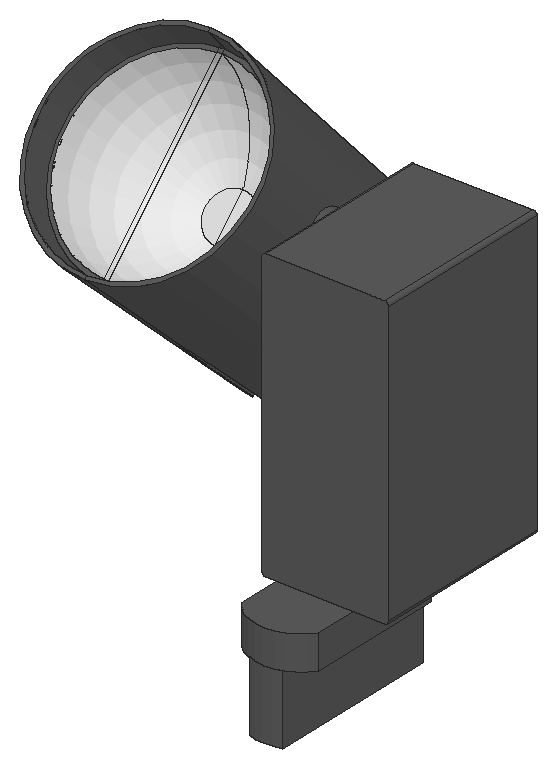
Revit family "0004840 Feilo Sylvania Lighting Fixture START TRACK SPOT S 24W 3K RA80 WB BLACK", category Lighting Fixtures, host Face, Revit 2017 (continued)
Definition of nested family "Start Track Spot Head"
  Types (96, lengths in mm): name | Wattage | built-in parameter 1150134 | Photometric Web File | Model | built-in parameter 1150105 | Lumens | built-in parameter 1150107 | built-in parameter 1150106 | HeadThickness_FEILO | HeadRibOffset_FEILO | HeadRibDepth_FEILO | HeadRibCutWidth_FEILO | HeadRibCutOffset_FEILO | HeadReflectorRadius_FEILO | HeadReflectorOffset_FEILO | HeadLEDRadius_FEILO | HeadHeight_FEILO | HeadDiffusorOffset_FEILO | HeadDiaOut_FEILO | HeadDiaIn_FEILO | HeadAxisFromTop_FEILO | Emit from Circle Diameter | built-in parameter 1150104 | Description | Apparent Load
    0004812 START TRACK SPOT S 14W 3K RA80 MB WHITE | 14 W | (empty or 0) | "0004812.ies" | "START TRACK SPOT S 14W 3K RA80 MB WHITE" | 120.32 (stored number, unit not read) | 1512 lm | 3000 (stored number, unit not read) | 1.2032 (stored number, unit not read) | 1.5 | 4.179 | 55.714 | 7.167 | 50.87 | 50.588 | 55.714 | 9.556 | 117 | 9.435 | 86 | 77.477 | 69.354 | 77.477 | 10.034 (stored number, unit not read) | "Integrated LED spotlight, Textured White - RAL9016, compact and minimalist design, ideal for retail applications, die-cast aluminium body, passive cooling heatsink. Beam angle: 36°, color temperature: 3000K , total system power: 14W, total fixture output: 1508 lm, LOR: 100%, colour rendering: Ra: 80 typical, LED Chromaticity: 3 step MacAdam ellipse, lifetime: >50000 hours at L70B50, energy class: A++, A+, A, IR/UV free light source without heat radiation, operating voltage: 220-240V / 50-60Hz, drive current: 350mA, electronic driver, non-dimmable, power factor: 0.92, electrical protection: Class II, Global Track 3 Phase adapter suitable for Global trac 3-circuit tracks, ingress protection rating: IP20, suitable for internal environment only, horizontal rotation: 355°, vertical tilt: 90°, dimensions: Ø86x140x200, weight: 0.940kg." | 14 VA
    0004811 START TRACK SPOT S 14W 3K RA80 NB WHITE | 14 W | (empty or 0) | "0004811.ies" | "START TRACK SPOT S 14W 3K RA80 NB WHITE" | 123.66 (stored number, unit not read) | 1554 lm | 3000 (stored number, unit not read) | 1.2366 (stored number, unit not read) | 1.5 | 4.179 | 55.714 | 7.167 | 50.87 | 50.588 | 55.714 | 9.556 | 117 | 9.435 | 86 | 77.477 | 69.354 | 77.477 | 10.312 (stored number, unit not read) | "Integrated LED spotlight, Textured White - RAL9016, compact and minimalist design, ideal for retail applications, die-cast aluminium body, passive cooling heatsink. Beam angle: 12°, color temperature: 3000K , total system power: 14W, total fixture output: 1551 lm, LOR: 100%, colour rendering: Ra: 80 typical, LED Chromaticity: 3 step MacAdam ellipse, lifetime: >50000 hours at L70B50, energy class: A++, A+, A, IR/UV free light source without heat radiation, operating voltage: 220-240V / 50-60Hz, drive current: 350mA, electronic driver, non-dimmable, power factor: 0.92, electrical protection: Class II, Global Track 3 Phase adapter suitable for Global trac 3-circuit tracks, ingress protection rating: IP20, suitable for internal environment only, horizontal rotation: 355°, vertical tilt: 90°, dimensions: Ø86x140x200, weight: 0.940kg." | 14 VA
  Reference planes
    plane 1 "Center (Front/Back)": y = 0
    plane 2: z = 0
    plane 3 "Center (Left/Right)": x = 0
    plane 4: x = 43
    plane 5: x = -43
    plane 6: x = -38.739
    plane 7: x = 38.739
    plane 8: z = 69.354
    plane 9: z = -47.646
    plane 10: x = -41.5
    plane 11: x = -37.239
    plane 12: z = -38.211
    plane 13: z = -35.211
    plane 14: z = 8.068
    plane 15: x = -9.556
    plane 16: x = -28.667
    plane 17: x = -19.111
    plane 18: x = -27.167
    plane 19: x = -17.611
    plane 20: x = -8.056
    plane 21: z = 13.64
    plane 22: x = -29.667
    plane 23: x = -26.167
    plane 24: x = -20.111
    plane 25: x = -16.611
    plane 26: x = -10.556
    plane 27: x = -7.056
    plane 28: x = -36.239
    plane 29: x = -40.5
    plane 30: z = 65.175
    plane 31: z = 60.997
    plane 32: z = 56.818
    plane 33: z = 18.484
    plane 34: y = -43
    plane 35: y = 43
    plane 36: y = 3.583
    plane 37: y = -3.583
    plane 38: y = -2.583
    plane 39: y = 2.583
    plane 40: y = 46
    plane 41: z = 13.5
    plane 42: z = -13.5
    plane 43: y = 39
    plane 44: x = 4.708
    plane 45: x = -2.458
    plane 46: x = -1.458
    plane 47: x = 1.458
  Forms (mm)
    Extrusion 1, solid
      sketch origin (4.2, 0, 0) x (1, 0, 0) y (0, 1, 0)
        loop
          line (-1219.2, 1219.2) -> (-1219.2, -1219.2) -> (1219.2, -1219.2) -> (1219.2, 1219.2) -> (-1219.2, 1219.2)
      from 0 to -68.017
    Revolve 2, solid, material <- "Material_1_FEILO", detail levels medium+fine
      sketch origin (0, 0, 0) x (1, 0, 0) y (0, 0, 1)
        loop
          line (-43, -47.646) -> (-41.5, -47.646) -> (-40.5, -35.211) -> (-38.739, -35.211)
          arc (-38.739, -35.211) -> (-30.16, -9.517) -> (-9.556, 8.068) r 50.588
          line (-9.556, 8.068) -> (0, 8.068) -> (0, 13.64) -> (-16.611, 13.64) -> (-17.611, 60.997) -> (-19.111, 60.997) -> (-20.111, 13.64) -> (-36.239, 13.64) -> (-37.239, 69.354) -> (-38.739, 69.354) -> (-43, -47.646)
        axis (0, 69.354) -> (0, -47.646)
      angle from 360 to 0
    Extrusion 3, void
      sketch origin (0, 0, 0) x (0, 1, 0) y (0, 0, 1)
        loop
          line (-3.583, 69.354) -> (-2.583, 18.484) -> (1.932, 18.484) -> (2.932, 69.354) -> (-3.583, 69.354)
      from 43 to -43
    Revolve 4, solid, material <- "Material_2_FEILO", detail levels medium+fine
      sketch origin (0, 0, 0) x (1, 0, 0) y (0, 0, 1)
        loop
          line (-41.5, -38.211) -> (0, -38.211) -> (0, -35.211) -> (-41.5, -35.211) -> (-41.5, -38.211)
        axis (0, -35.211) -> (0, -38.211)
      angle from 360 to 0
    Revolve 5, solid, material <- "Material_1_FEILO"
      sketch origin (0, 0, 0) x (0, 1, 0) y (0, 0, 1)
        loop
          line (46, 0) -> (39, 0) -> (39, -13.5) -> (46, -13.5) -> (46, 0)
        axis (39, 0) -> (46, 0)
      angle from 360 to 0
    Revolve 6, solid, material <- "Material_1_FEILO", detail levels medium+fine
      sketch origin (0, 0, 0) x (1, 0, 0) y (0, 0, 1)
        loop
          line (-29.667, 13.64) -> (-26.167, 13.64) -> (-27.167, 65.175) -> (-28.667, 65.175) -> (-29.667, 13.64)
        loop
          line (-10.556, 13.64) -> (-7.056, 13.64) -> (-7.833, 56.818) -> (-9.778, 56.818) -> (-10.556, 13.64)
        axis (0, 65.175) -> (0, 13.64)
      angle from 360 to 0
    Extrusion 7, void
      sketch origin (0, 0, 0) x (1, 0, 0) y (0, 0, 1)
        loop
          line (4.708, 69.354) -> (-2.458, 69.354) -> (-1.458, 13.64) -> (1.458, 13.64) -> (4.708, 69.354)
      from -43 to 43
    Revolve 8, solid, material <- "Material_1_FEILO", detail levels coarse
      sketch origin (0, 0, 0) x (1, 0, 0) y (0, 0, 1)
        loop
          line (0, 69.354) -> (-38.739, 69.354) -> (-43, -47.646) -> (-41.5, -47.646) -> (-40.731, -38.211) -> (0, -38.211) -> (0, 69.354)
        axis (0, 69.354) -> (0, -47.646)
      angle from 360 to 0
  Cuts and joins
    Extrusion 3 cuts Revolve 2
    Extrusion 7 cuts Revolve 6
  Dimensions and locks
    equal spacing: plane 7, plane 3 "Center (Left/Right)", plane 6
    equal spacing: plane 4, plane 3 "Center (Left/Right)", plane 5
    "HeadDiaOut_FEILO": plane 4 to plane 5
    "HeadDiaIn_FEILO": plane 7 to plane 6
    "HeadHeight_FEILO": plane 8 to plane 9
    "HeadThickness_FEILO": plane 10 to plane 5
    "HeadThickness_FEILO": plane 11 to plane 6
    "HeadDiffusorOffset_FEILO": plane 12 to plane 9
    "HeadDiffusorThickness_FEILO": plane 13 to plane 12
    "HeadReflectorOffset_FEILO": plane 14 to plane 9
    "HeadLEDRadius_FEILO": plane 3 "Center (Left/Right)" to plane 15
    "HeadLEDRadius_FEILO": plane 15 to plane 17
    "HeadLEDRadius_FEILO": plane 17 to plane 16
    "HeadThickness_FEILO": plane 18 to plane 16
    "HeadThickness_FEILO": plane 19 to plane 17
    "HeadThickness_FEILO": plane 20 to plane 15
    "HeadRibDepth_FEILO": plane 8 to plane 21
    "HeadDraft_FEILO": plane 16 to plane 22
    "HeadDraft_FEILO": plane 23 to plane 18
    "HeadDraft_FEILO": plane 17 to plane 24
    "HeadDraft_FEILO": plane 25 to plane 19
    "HeadDraft_FEILO": plane 15 to plane 26
    "HeadDraft_FEILO": plane 27 to plane 20
    "HeadDraft_FEILO": plane 29 to plane 10
    "HeadDraft_FEILO": plane 28 to plane 11
    "HeadRibOffset_FEILO": plane 8 to plane 30
    "HeadRibOffset_FEILO": plane 30 to plane 31
    "HeadRibOffset_FEILO": plane 31 to plane 32
    "HeadAxisFromTop_FEILO": plane 8 to plane 2
    "HeadRibCutOffset_FEILO": plane 8 to plane 33
    equal spacing: plane 34, plane 1 "Center (Front/Back)", plane 35
    "HeadDiaOut_FEILO": plane 34 to plane 35
    equal spacing: plane 38, plane 1 "Center (Front/Back)", plane 39
    equal spacing: plane 37, plane 1 "Center (Front/Back)", plane 36
    "HeadRibCutWidth_FEILO": plane 37 to plane 36
    "HeadDraft_FEILO": plane 37 to plane 38
    locked: plane 35 to plane 40 at 3
    equal spacing: plane 41, plane 2, plane 42
    locked: plane 42 to plane 41 at 27
    locked: plane 43 to plane 35 at 4
    equal spacing: plane 45, imposter light, plane 44
    "HeadDraft_FEILO": plane 46 to plane 45
    "HeadRibCutWidth_FEILO": plane 44 to plane 45
    equal spacing: plane 47, plane 3 "Center (Left/Right)", plane 46
    "HeadReflectorRadius_FEILO": radius of Revolve 2 sketch curve
    aligned and locked: plane 2 to Extrusion 1
    aligned and locked: level to Extrusion 1
    aligned and locked: Revolve 2 sketch curve to plane 3 "Center (Left/Right)"  (x2)
    aligned and locked: plane 9 to Revolve 2 sketch curve  (x2)
    aligned and locked: plane 5 to Revolve 2 sketch curve
    aligned and locked: plane 10 to Revolve 2 sketch curve
    aligned and locked: plane 14 to Revolve 2 sketch curve
    aligned and locked: plane 8 to Revolve 2 sketch curve
    aligned and locked: Revolve 2 sketch curve to plane 13
    aligned and locked: plane 12 to Revolve 4 sketch curve
    aligned and locked: plane 3 "Center (Left/Right)" to Revolve 4 sketch curve
    aligned and locked: Revolve 4 sketch curve to plane 10
    aligned and locked: Revolve 4 sketch curve to plane 3 "Center (Left/Right)"
    aligned and locked: plane 12 to imposter light
    aligned and locked: imposter light to plane 1 "Center (Front/Back)"
    aligned and locked: Revolve 5 sketch curve to plane 2
    aligned and locked: plane 43 to Revolve 5 sketch curve
    aligned and locked: plane 42 to Revolve 5 sketch curve
    aligned and locked: Revolve 6 sketch curve to plane 3 "Center (Left/Right)"
    aligned and locked: plane 22 to Revolve 6 sketch curve
    aligned and locked: plane 30 to Revolve 6 sketch curve
    aligned and locked: plane 23 to Revolve 6 sketch curve
    aligned and locked: Revolve 6 sketch curve to plane 21  (x2)
    aligned and locked: plane 21 to Revolve 6 sketch curve
    aligned and locked: plane 17 to Revolve 2 sketch curve
    aligned and locked: plane 19 to Revolve 2 sketch curve
    aligned and locked: plane 31 to Revolve 2 sketch curve
    aligned and locked: plane 21 to Revolve 2 sketch curve
    aligned and locked: Extrusion 3 to plane 8
    aligned and locked: plane 33 to Extrusion 3
    aligned and locked: plane 8 to Extrusion 3 sketch curve
    aligned and locked: Extrusion 3 sketch curve to plane 33
    aligned and locked: Extrusion 3 to plane 5
    aligned and locked: plane 4 to Extrusion 3
    aligned and locked: plane 32 to Revolve 6 sketch curve
    aligned and locked: plane 44 to Extrusion 7 sketch curve
    aligned and locked: Extrusion 7 sketch curve to plane 8
    aligned and locked: plane 46 to Extrusion 7 sketch curve
    aligned and locked: plane 21 to Extrusion 7 sketch curve
    aligned and locked: plane 34 to Extrusion 7
    aligned and locked: Extrusion 7 to plane 35
    aligned and locked: Revolve 4 sketch curve to plane 13
    aligned and locked: Revolve 5 sketch curve to plane 40
    aligned and locked: Revolve 8 sketch curve to plane 3 "Center (Left/Right)"
    aligned and locked: Revolve 8 sketch curve to cut or joined group of Revolve 2, Extrusion 3  (x3)
    aligned and locked: plane 5 to Revolve 8 sketch curve
    aligned and locked: plane 3 "Center (Left/Right)" to Revolve 8 sketch curve
    aligned and locked: plane 12 to Revolve 8 sketch curve
  Automatic sketch dimensions
    Extrusion 1 sketch curve to Extrusion 1 sketch curve = 2438.4 mm  (x2)
    Extrusion 3 sketch curve to plane 37 = 0 mm
    Extrusion 3 sketch curve to plane 38 = 0 mm
    plane 39 to Extrusion 3 sketch curve = 0.651 mm
    Extrusion 3 sketch curve to plane 39 = 0.349 mm
    Revolve 6 sketch curve to plane 16 = 0 mm
    Revolve 6 sketch curve to plane 18 = 0 mm
    Revolve 6 sketch curve to plane 26 = 0 mm
    Revolve 6 sketch curve to plane 27 = 0 mm
    Revolve 6 sketch curve to plane 15 = 0.222 mm
    plane 9 to Revolve 6 sketch curve = 559.103 mm
    Revolve 6 sketch curve to plane 8 = 2535.555 mm
    plane 20 to Revolve 6 sketch curve = 0.222 mm
    Revolve 2 sketch curve to plane 29 = 0 mm
    Revolve 2 sketch curve to plane 6 = 0 mm  (x2)
    Revolve 2 sketch curve to plane 11 = 0 mm
    Revolve 2 sketch curve to plane 21 = 0 mm
    Revolve 2 sketch curve to plane 28 = 0 mm
    Revolve 2 sketch curve to plane 24 = 0 mm
    Revolve 2 sketch curve to plane 25 = 0 mm
    Revolve 2 sketch curve to plane 15 = 0 mm
    Revolve 2 sketch curve to Revolve 2 sketch curve = 557.155 mm
    Revolve 2 sketch curve to plane 8 = 2535.558 mm
    Extrusion 7 sketch curve to plane 45 = 0 mm
    Extrusion 7 sketch curve to plane 47 = 0 mm
    plane 9 to Revolve 4 sketch curve = 559.103 mm
    Revolve 4 sketch curve to plane 8 = 2535.555 mm
    Revolve 5 sketch curve to level = 0 mm
    plane 34 to Revolve 5 sketch curve = 1968.092 mm
    Revolve 5 sketch curve to plane 40 = 1405.763 mm
    Revolve 8 sketch curve to plane 6 = 0 mm
    Revolve 8 sketch curve to plane 29 = 0.231 mm
    plane 9 to Revolve 8 sketch curve = 559.103 mm
    Revolve 8 sketch curve to Revolve 8 sketch curve = 2535.555 mm
Definition of nested family "Start Track Spot Box"
  Parameters (values of type "Type Large White")
    URL = "http://www.feilosylvania.com"
    Type Image = (empty or 0)
    Type Comments = "n/a"
    Small_FEILO = no
    Material_3_FEILO = none
    Model = ""
    Manufacturer = "Feilo Sylvania"
    Keynote = ""
    Material_2_FEILO = none
    Description = ""
    Default Elevation = 1219.2 mm
    Cost = 0
    Material_1_FEILO = none
    BoxWidth_FEILO = 49 mm
    BoxStartAngle_FEILO [instance] = 0.00°
    BoxRadius_FEILO = 1.5 mm
    BoxHeight_FEILO = if(Small_FEILO, 112 mm, 136 mm)  # 136 mm
    BoxEndAngle_FEILO [instance] = BoxStartAngle_FEILO - 180.00°  # -180.00°
    BoxDepth_FEILO = if(Small_FEILO, 71.5 mm, 79 mm)  # 79 mm
    BoxAxisVerticalOffset_FEILO = 16 mm
    BoxAxisOffset_FEILO = BoxHeight_FEILO / 6.8  # 20 mm
    Assembly Code = ""
    Material_4_FEILO = none
  Types (4, lengths in mm): name | Small_FEILO | BoxHeight_FEILO | BoxDepth_FEILO | BoxAxisOffset_FEILO
    Type Large White | no | 136 | 79 | 20
    Type Small White | yes | 112 | 71.5 | 16.471
    Type Small Black | yes | 112 | 71.5 | 16.471
    Type Large Black | no | 136 | 79 | 20
  Reference planes
    plane 1 "Center (Front/Back)": y = 0
    plane 2: z = 0
    plane 3 "Center (Left/Right)": x = 0
    plane 4: x = 24.5
    plane 5: x = -24.5
    plane 6: y = 68
    plane 7: y = -68
    plane 8: z = 39.5
    plane 9: z = -39.5
    plane 10: y = -48
    plane 11: x = 30.5
    plane 12: x = 8.5
    plane 13: x = 21.5
    plane 14: y = 70
    plane 15: y = 72
    plane 16: x = 19.5
  Forms (mm)
    Extrusion 1, solid
      sketch origin (4.2, 0, 0) x (1, 0, 0) y (0, 1, 0)
        loop
          line (-1219.2, 1219.2) -> (-1219.2, -1219.2) -> (1219.2, -1219.2) -> (1219.2, 1219.2) -> (-1219.2, 1219.2)
      from 0 to -68.017
    Extrusion 2, solid, material <- "Material_1_FEILO"
      sketch origin (0, 0, 0) x (1, 0, 0) y (0, 1, 0)
        loop
          arc (-23, 68) -> (-24.061, 67.561) -> (-24.5, 66.5) r 1.5
          line (-24.5, 66.5) -> (-24.5, -66.5)
          arc (-24.5, -66.5) -> (-24.061, -67.561) -> (-23, -68) r 1.5
          line (-23, -68) -> (23, -68)
          arc (23, -68) -> (24.061, -67.561) -> (24.5, -66.5) r 1.5
          line (24.5, -66.5) -> (24.5, 66.5)
          arc (24.5, 66.5) -> (24.061, 67.561) -> (23, 68) r 1.5
          line (23, 68) -> (-23, 68)
      from -39.5 to 39.5
    Revolve 3, solid, not visible
      sketch origin (0, 0, 0) x (1, 0, 0) y (0, 1, 0)
        loop
          line (30.5, -48) -> (24.5, -48) -> (24.5, -68) -> (30.5, -68) -> (30.5, -48)
        axis (30.5, -48) -> (24.5, -48)
      angle from 0 <- "BoxStartAngle_FEILO" to -180 <- "BoxEndAngle_FEILO"
    Revolve 4, solid, material <- "Material_2_FEILO"
      sketch origin (0, 0, 0) x (1, 0, 0) y (0, 1, 0)
        loop
          line (8.5, 68) -> (19.5, 68) -> (19.5, 70) -> (21.5, 70) -> (21.5, 72) -> (8.5, 72) -> (8.5, 68)
        axis (8.5, 72) -> (8.5, 68)
      angle from 360 to 0
  Dimensions and locks
    equal spacing: plane 5, plane 3 "Center (Left/Right)", plane 4
    "BoxWidth_FEILO": plane 5 to plane 4
    equal spacing: plane 7, plane 1 "Center (Front/Back)", plane 6
    "BoxHeight_FEILO": plane 7 to plane 6
    equal spacing: plane 8, plane 2, plane 9
    "BoxDepth_FEILO": plane 8 to plane 9
    "BoxAxisOffset_FEILO": plane 7 to plane 10
    locked: plane 4 to plane 11 at 6
    "BoxAxisVerticalOffset_FEILO": plane 12 to plane 4
    locked: plane 12 to plane 13 at 13
    plane 6 to plane 14 to plane 15 = 2 mm locked, 2 mm locked
    locked: plane 12 to plane 16 at 11
    "BoxRadius_FEILO": radius of Extrusion 2 sketch curve  (x4)
    aligned and locked: plane 2 to Extrusion 1
    aligned and locked: level to Extrusion 1
    aligned and locked: plane 6 to Extrusion 2 sketch curve
    aligned and locked: plane 5 to Extrusion 2 sketch curve
    aligned and locked: Extrusion 2 sketch curve to plane 7
    aligned and locked: Extrusion 2 sketch curve to plane 4
    aligned and locked: Extrusion 2 to plane 8
    aligned and locked: plane 9 to Extrusion 2
    aligned and locked: Revolve 3 sketch curve to plane 10  (x2)
    aligned and locked: plane 11 to Revolve 3 sketch curve
    aligned and locked: Revolve 3 sketch curve to plane 4
    aligned and locked: plane 7 to Revolve 3 sketch curve
    aligned and locked: Revolve 4 sketch curve to plane 12
    aligned and locked: plane 6 to Revolve 4 sketch curve
    aligned and locked: plane 12 to Revolve 4 sketch curve
    aligned and locked: plane 15 to Revolve 4 sketch curve
    aligned and locked: Revolve 4 sketch curve to plane 13
    aligned and locked: Revolve 4 sketch curve to plane 14
    aligned and locked: Revolve 4 sketch curve to plane 16
    aligned and locked: Revolve 4 sketch curve to plane 6
  Automatic sketch dimensions
    Extrusion 1 sketch curve to Extrusion 1 sketch curve = 2438.4 mm  (x2)
    Revolve 3 sketch curve to plane 5 = 1499.5 mm
    plane 11 to Revolve 3 sketch curve = 1493.5 mm
    plane 15 to Revolve 4 sketch curve = 0 mm
    plane 7 to Revolve 4 sketch curve = 1456 mm
    Revolve 4 sketch curve to plane 15 = 1452 mm
